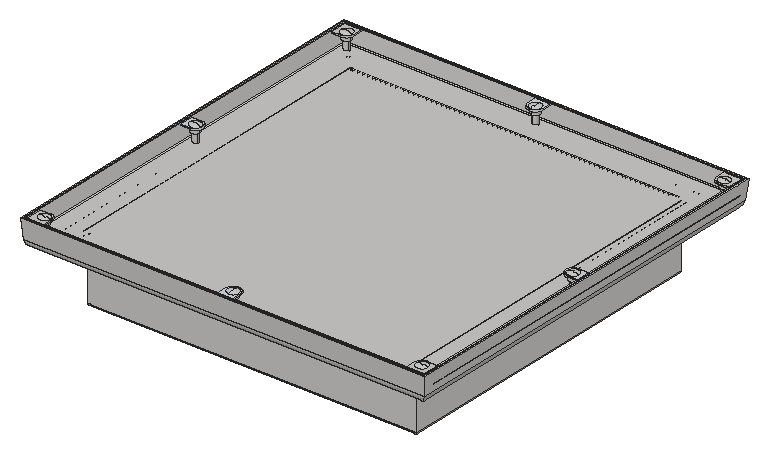
Revit family "Gorter BV-FL THERMO 600x600mm", category Generic Models, host Face, Revit 2019
Family settings
  Host = Face
  Can host rebar = No
  Round Connector Dimension = Use Diameter
  Part Type = Normal
  Cut with Voids When Loaded = Yes
  Shared = Yes
  Room Calculation Point = No
Parameters (values of type "BV-FL THERMO 600x600mm")
  vullen_met_beton = "ja"  # constant formula
  vergrendeling = "nee"  # constant formula
  uitwendige_lengte = 730 mm
  uitwendige_breedte = 730 mm
  sluiting y-as = yes
  sluiting x-as = yes
  sluiting hoek = yes
  sluiting = "4"
  scharnierend = "nee"  # constant formula
  rubberen_afdichting = "enkel"  # constant formula
  productgroep = ""
  materiaal = bcb_staal
  inbouwhoogte [instance] = 50 mm
  geïsoleerd = "ja"  # constant formula
  gewicht = "23"
  gasdrukveer = "nee"  # constant formula
  brandwerend 90 min = "nee"  # constant formula
  binnenmaat_lengte = uitwendige_lengte - 130 mm  # 600 mm
  binnenmaat_breedte = uitwendige_breedte - 130 mm  # 600 mm
  binnenluik = "tbv betonvulling"  # constant formula
  belasting = "15 kN"  # constant formula
  URL = ""
  Model = "BV-FL THERMO"  # constant formula
  Manufacturer = "Gorter"  # constant formula
  Description = "BV-FL THERMO 66"
  Default Elevation = 0 mm  # constant formula
Types (6, lengths in mm): name | uitwendige_lengte | uitwendige_breedte | sluiting x-as | sluiting | gewicht | binnenmaat_lengte | binnenmaat_breedte | Description
  (no name) | 730 | 730 | yes | "4" | "23" | 600 | 600 | "BV-FL THERMO 66"
  BV-FL THERMO 600x600mm | 730 | 730 | yes | "4" | "23" | 600 | 600 | "BV-FL THERMO 66"
  BV-FL THERMO 800x600mm | 930 | 730 | no | "6" | "29" | 800 | 600 | "BV-FL THERMO 86"
  BV-FL THERMO 800x800mm | 930 | 930 | yes | "8" | "33" | 800 | 800 | "BV-FL THERMO 88"
  BV-FL THERMO 1000x600mm | 730 | 1130 | no | "6" | "33" | 600 | 1000 | "BV-FL THERMO 106"
  BV-FL THERMO 500x500mm | 630 | 630 | yes | "4" | "23" | 500 | 500 | "BV-FL THERMO 55"
Reference planes
  plane 1 "Center (Front/Back)": y = 0
  plane 2: z = 0
  plane 3 "Center (Left/Right)": x = 0
  plane 4: y = 365
  plane 5: y = -365
  plane 6: x = 365
  plane 7: x = -365
  plane 8: z = -49.999
  plane 9: x = -323
  plane 10: y = 323
  plane 11: y = -323
  plane 12: x = 323
  plane 13: x = -203
  plane 14: x = 203
  plane 15: y = -203
  plane 16: y = 203
  plane 17: x = -294
  plane 18: x = 294
  plane 19: y = -294
  plane 20: y = 294
  plane 21: x = -341
  plane 22: x = 341
  plane 23: y = 341
  plane 24: y = -341
Forms (mm)
  Sweep 1, solid, material "bcb_staal" <- "materiaal", detail levels medium+fine
    path origin (0, 0, 0) x (1, 0, 0) y (0, 1, 0)
      loop
        line (-365, 365) -> (-365, -365) -> (365, -365) -> (365, 365) -> (-365, 365)
    profile origin (-365, 0, 0) x (-1, 0, 0) y (0, 0, 1)
      loop
        line (0.009, 0) -> (-2.001, 0) -> (-5.562, -35.738)
        arc (-5.562, -35.738) -> (-16.525, -46.911) -> (-29.802, -38.618) r 12.5
        line (-29.802, -38.618) -> (-32.224, -31.678)
        arc (-32.224, -31.678) -> (-35.91, -29) -> (-39.712, -31.509) r 4
        line (-39.712, -31.509) -> (-41.862, -36.866)
        arc (-41.862, -36.866) -> (-45.769, -39.945) -> (-50.399, -38.129) r 5
        line (-50.399, -38.129) -> (-54.14, -32.98)
        arc (-54.14, -32.98) -> (-60.849, -30.791) -> (-65, -36.499) r 6
        line (-65, -36.499) -> (-65, -49.999) -> (-63, -49.999) -> (-63, -36.499)
        arc (-63, -36.499) -> (-60.234, -32.694) -> (-55.762, -34.151) r 4
        line (-55.762, -34.151) -> (-52.167, -39.108)
        arc (-52.167, -39.108) -> (-45.642, -41.946) -> (-40.004, -37.606) r 7
        line (-40.004, -37.606) -> (-37.856, -32.254)
        arc (-37.856, -32.254) -> (-35.951, -30.999) -> (-34.11, -32.345) r 2
        line (-34.11, -32.345) -> (-31.69, -39.277)
        arc (-31.69, -39.277) -> (-16.289, -48.897) -> (-3.571, -35.936) r 14.5
        line (-3.571, -35.936) -> (0.009, 0)
  Sweep 2, solid, material "bcb_staal" <- "materiaal", detail levels medium+fine
    path origin (0, 0, 0) x (1, 0, 0) y (0, 1, 0)
      loop
        line (-365.009, 365.009) -> (-365.009, -365.009) -> (365.009, -365.009) -> (365.009, 365.009) -> (-365.009, 365.009)
    profile origin (-365.009, 0, 0) x (-1, 0, 0) y (0, 0, 1)
      loop
        line (-8.021, -25.628) -> (-3.97, 0) -> (-5.978, 0) -> (-9.971, -25.313)
        arc (-9.971, -25.313) -> (-10.655, -26.538) -> (-11.971, -27.024) r 2.024
        line (-11.971, -27.024) -> (-67.5, -27.024) -> (-67.5, -28.988) -> (-12.284, -28.988)
        arc (-12.284, -28.988) -> (-9.495, -28.142) -> (-8.021, -25.628) r 4
  Sweep 3, solid, material "bcb_staal" <- "materiaal", detail levels coarse
    path origin (0, 0, 0) x (1, 0, 0) y (0, 1, 0)
      loop
        line (-365.009, 365.009) -> (-365.009, -365.009) -> (365.009, -365.009) -> (365.009, 365.009) -> (-365.009, 365.009)
    profile origin (-365.009, 0, 0) x (-1, 0, 0) y (0, 0, 1)
      loop
        line (0, 0) -> (-4.5, 0) -> (-8.78, -27.024) -> (-67.5, -27.024) -> (-67.5, -49.999) -> (-4.982, -49.999) -> (0, 0)
  Extrusion 4, solid, material "bcb_staal" <- "materiaal", detail levels medium+fine
    sketch origin (0, 0, 0) x (1, 0, 0) y (0, 1, 0)
      loop
        line (-300, 300) -> (-300, -300) -> (300, -300) -> (300, 300) -> (-300, 300)
    from -28.988 to -27.024
  Extrusion 5, solid, material "bcb_staal" <- "materiaal", detail levels coarse
    sketch origin (0, 0, 0) x (1, 0, 0) y (0, 1, 0)
      loop
        line (-297.509, 297.509) -> (-297.509, -300) -> (300, -300) -> (300, 297.509) -> (-297.509, 297.509)
    from -49.999 to -27.024
  Extrusion 6, void
    sketch origin (0, 0, 0) x (1, 0, 0) y (0, 1, 0)
      loop
        line (-203, -203) -> (203, -203) -> (203, 203) -> (-203, 203) -> (-203, -203)
    from -500 to 10
  Sweep 7, void
    path origin (0, 0, 0) x (1, 0, 0) y (0, 1, 0)
      loop
        line (-365, 365) -> (-365, -365) -> (365, -365) -> (365, 365) -> (-365, 365)
    profile origin (-365, 0, 0) x (-1, 0, 0) y (0, 0, 1)
      loop
        line (0.498, 5) -> (-162, 5) -> (-162, -365) -> (-65, -365) -> (-65, -49.999) -> (-4.982, -49.999) -> (0.498, 5)
  Sweep 8, solid, material "bcb_staal" <- "materiaal"
    path origin (0, 0, 0) x (1, 0, 0) y (0, 1, 0)
      loop
        line (-365.009, 365.009) -> (-365.009, -365.009) -> (365.009, -365.009) -> (365.009, 365.009) -> (-365.009, 365.009)
    profile origin (-365.009, 0, 0) x (-1, 0, 0) y (0, 0, 1)
      loop
        line (-56.009, -29.003) -> (-67.009, -29.003)
        arc (-67.009, -29.003) -> (-68.777, -29.735) -> (-69.509, -31.503) r 2.5
        line (-69.509, -31.503) -> (-69.509, -144.501)
        arc (-69.509, -144.501) -> (-69.801, -145.209) -> (-70.509, -145.503) r 1
        line (-70.509, -145.503) -> (-74.509, -145.503) -> (-74.509, -147.003) -> (-70.509, -147.003)
        arc (-70.509, -147.003) -> (-68.739, -146.269) -> (-68.009, -144.497) r 2.5
        line (-68.009, -144.497) -> (-68.009, -31.503)
        arc (-68.009, -31.503) -> (-67.716, -30.796) -> (-67.009, -30.503) r 1
        line (-67.009, -30.503) -> (-56.009, -30.503) -> (-56.009, -29.003)
  Extrusion 9, solid, material "bcb_polystyreen"
    sketch origin (0, 0, 0) x (1, 0, 0) y (0, 1, 0)
      loop
        line (-294, 294) -> (-294, -294) -> (294, -294) -> (294, 294) -> (-294, 294)
    from -144.503 to -65.5
Cuts and joins
  joined: Sweep 2, Extrusion 4
  joined: Sweep 3, Extrusion 5
Dimensions and locks
  equal spacing: plane 7, plane 3 "Center (Left/Right)", plane 6
  "uitwendige_breedte": plane 7 to plane 6
  equal spacing: plane 4, plane 1 "Center (Front/Back)", plane 5
  "uitwendige_lengte": plane 4 to plane 5
  locked: plane 4 to plane 10 at 42
  locked: plane 7 to plane 9 at 42
  locked: plane 12 to plane 6 at 42
  locked: plane 5 to plane 11 at 42
  locked: plane 9 to plane 13 at 120
  locked: plane 14 to plane 12 at 120
  locked: plane 15 to plane 11 at 120
  locked: plane 10 to plane 16 at 120
  locked: plane 18 to plane 12 at 29
  locked: plane 9 to plane 17 at 29
  locked: plane 11 to plane 19 at 29
  locked: plane 10 to plane 20 at 29
  locked: plane 7 to plane 21 at 24
  locked: plane 22 to plane 6 at 24
  locked: plane 4 to plane 23 at 24
  locked: plane 24 to plane 5 at 24
  aligned and locked: plane 2 to host face
  aligned and locked: level to host face
  aligned and locked: Sweep 1 sketch curve to plane 4
  aligned and locked: plane 7 to Sweep 1 sketch curve
  aligned and locked: plane 5 to Sweep 1 sketch curve
  aligned and locked: Sweep 1 sketch curve to plane 6
  aligned and locked: Sweep 2 sketch curve to Sweep 1  (x4)
  aligned and locked: Sweep 3 sketch curve to Sweep 1  (x4)
  aligned and locked: Extrusion 4 sketch curve to Sweep 1  (x4)
  aligned and locked: Extrusion 5 sketch curve to Sweep 3  (x2)
  aligned and locked: Extrusion 5 sketch curve to Sweep 1
  aligned and locked: Sweep 1 to Extrusion 5 sketch curve
  aligned and locked: Extrusion 6 to plane 16
  aligned and locked: Extrusion 6 to plane 14
  aligned and locked: Extrusion 6 to plane 15
  aligned and locked: Extrusion 6 to plane 13
  aligned and locked: Sweep 7 sketch curve to plane 4
  aligned and locked: Sweep 7 sketch curve to plane 6
  aligned and locked: plane 5 to Sweep 7 sketch curve
  aligned and locked: plane 7 to Sweep 7 sketch curve
  aligned and locked: Sweep 8 sketch curve to Sweep 1  (x4)
  aligned and locked: plane 18 to Extrusion 9 sketch curve
  aligned and locked: Extrusion 9 sketch curve to plane 20
  aligned and locked: plane 17 to Extrusion 9 sketch curve
  aligned and locked: Extrusion 9 sketch curve to plane 19
  aligned and locked: plane 21 to nested 1
  aligned and locked: nested 1 to plane 24
  aligned and locked: plane 24 to nested 2
  aligned and locked: plane 22 to nested 2
  aligned and locked: nested 3 to plane 21
  aligned and locked: nested 3 to plane 23
  aligned and locked: plane 23 to nested 4
  aligned and locked: nested 4 to plane 22
  aligned and locked: plane 1 "Center (Front/Back)" to nested 5
  aligned and locked: nested 5 to plane 21
  aligned and locked: nested 6 to plane 1 "Center (Front/Back)"
  aligned and locked: nested 6 to plane 22
  aligned and locked: nested 7 to plane 3 "Center (Left/Right)"
  aligned and locked: plane 23 to nested 7
  aligned and locked: plane 24 to nested 8
  aligned and locked: plane 3 "Center (Left/Right)" to nested 8
Automatic sketch dimensions
  host sketch curve to host sketch curve = 2000 mm  (x2)
  Sweep 2 sketch curve to level = 0 mm
  profile plane to Sweep 2 sketch curve = 12.284 mm
  Sweep 2 sketch curve to Sweep 2 sketch curve = 0.313 mm  (x2)
  Sweep 2 sketch curve to Sweep 2 sketch curve = 0 mm  (x2)
  Sweep 2 sketch curve to Sweep 2 sketch curve = 1.95 mm
  Sweep 2 sketch curve to Sweep 2 sketch curve = 0.315 mm
  Sweep 2 sketch curve to Sweep 2 sketch curve = 55.529 mm
  profile plane to Sweep 2 sketch curve = 5.978 mm
  Sweep 2 sketch curve to Sweep 2 sketch curve = 2.008 mm
  Sweep 2 sketch curve to level = 27.024 mm
  Sweep 2 sketch curve to Sweep 2 sketch curve = 1.963 mm
  Extrusion 6 sketch curve to plane 11 = 120 mm
  Extrusion 6 sketch curve to plane 1 "Center (Front/Back)" = 203 mm
  Extrusion 6 sketch curve to plane 13 = 0 mm
  Extrusion 6 sketch curve to plane 14 = 0 mm
  Sweep 1 sketch curve to level = 0 mm
  profile plane to Sweep 1 sketch curve = 65 mm
  Sweep 1 sketch curve to Sweep 1 sketch curve = 2 mm
  Sweep 1 sketch curve to Sweep 1 sketch curve = 4 mm
  Sweep 1 sketch curve to Sweep 1 sketch curve = 0 mm  (x5)
  Sweep 1 sketch curve to level = 34.151 mm
  Sweep 1 sketch curve to Sweep 1 sketch curve = 3.238 mm
  Sweep 1 sketch curve to level = 32.98 mm
  Sweep 1 sketch curve to Sweep 1 sketch curve = 1.622 mm
  Sweep 1 sketch curve to Sweep 1 sketch curve = 3.595 mm
  Sweep 1 sketch curve to Sweep 1 sketch curve = 1.768 mm
  Sweep 1 sketch curve to Sweep 1 sketch curve = 3.899 mm
  Sweep 1 sketch curve to level = 36.866 mm
  Sweep 1 sketch curve to Sweep 1 sketch curve = 4.638 mm
  Sweep 1 sketch curve to Sweep 1 sketch curve = 1.858 mm
  Sweep 1 sketch curve to Sweep 1 sketch curve = 2.15 mm
  Sweep 1 sketch curve to Sweep 1 sketch curve = 1.856 mm  (x2)
  Sweep 1 sketch curve to level = 32.345 mm
  Sweep 1 sketch curve to Sweep 1 sketch curve = 1.89 mm
  Sweep 1 sketch curve to Sweep 1 sketch curve = 1.886 mm
  Sweep 1 sketch curve to Sweep 1 sketch curve = 2.42 mm
  Sweep 1 sketch curve to Sweep 1 sketch curve = 1.888 mm
  Sweep 1 sketch curve to Sweep 1 sketch curve = 11.802 mm
  profile plane to Sweep 1 sketch curve = 5.562 mm
  Sweep 1 sketch curve to Sweep 1 sketch curve = 1.99 mm
  profile plane to Sweep 1 sketch curve = 2.001 mm
  Sweep 1 sketch curve to profile plane = 0.009 mm
  Sweep 1 sketch curve to Sweep 1 sketch curve = 0.739 mm
  Sweep 1 sketch curve to Sweep 1 sketch curve = 5.148 mm
  Sweep 1 sketch curve to Sweep 1 sketch curve = 6.273 mm
  Sweep 1 sketch curve to Sweep 1 sketch curve = 0.979 mm
  Sweep 1 sketch curve to Sweep 1 sketch curve = 0.659 mm
  Sweep 1 sketch curve to Sweep 1 sketch curve = 13.5 mm
  Sweep 1 sketch curve to Sweep 1 sketch curve = 2.682 mm
  Sweep 1 sketch curve to Sweep 1 sketch curve = 0.198 mm
  Sweep 1 sketch curve to Sweep 1 sketch curve = 0.654 mm
  Sweep 1 sketch curve to Sweep 1 sketch curve = 0.667 mm
  Sweep 3 sketch curve to level = 0 mm
  Sweep 3 sketch curve to profile plane = 0 mm
  profile plane to Sweep 3 sketch curve = 4.5 mm
  profile plane to Sweep 3 sketch curve = 4.982 mm
  profile plane to Sweep 3 sketch curve = 8.78 mm
  Sweep 3 sketch curve to Sweep 3 sketch curve = 62.518 mm
  Sweep 3 sketch curve to level = 27.024 mm
  Sweep 3 sketch curve to Sweep 3 sketch curve = 22.974 mm
  level to Sweep 7 sketch curve = 5 mm
  profile plane to Sweep 7 sketch curve = 162 mm
  profile plane to Sweep 7 sketch curve = 65 mm
  profile plane to Sweep 7 sketch curve = 4.982 mm
  Sweep 7 sketch curve to profile plane = 0.498 mm
  Sweep 7 sketch curve to level = 49.999 mm
  Sweep 7 sketch curve to Sweep 7 sketch curve = 315.001 mm
  Sweep 8 sketch curve to Sweep 8 sketch curve = 0 mm  (x9)
  Sweep 8 sketch curve to level = 31.503 mm
  profile plane to Sweep 8 sketch curve = 67.009 mm
  Sweep 8 sketch curve to Sweep 8 sketch curve = 11 mm
  Sweep 8 sketch curve to Sweep 8 sketch curve = 1 mm  (x2)
  Sweep 8 sketch curve to Sweep 8 sketch curve = 1.5 mm  (x2)
  profile plane to Sweep 8 sketch curve = 70.509 mm
  Sweep 8 sketch curve to Sweep 8 sketch curve = 2.5 mm
  Sweep 8 sketch curve to Sweep 8 sketch curve = 112.994 mm
  Sweep 8 sketch curve to Sweep 8 sketch curve = 0.006 mm
  Sweep 8 sketch curve to Sweep 8 sketch curve = 0.002 mm
  Sweep 8 sketch curve to Sweep 8 sketch curve = 4 mm
Nested families
  nested 1: "NLRS_33_GM_FB_TC_GORTER_vloerluik_BV-FL_Thermo_BCB_Inbusbout" at (-341, -341, 0), visible <- "sluiting hoek", type "NLRS_33_GM_FB_TC_GORTER_vloerluik_BV-FL_Thermo_BCB_Inbusbout"
    with recht no, hoek yes
  nested 2: "NLRS_33_GM_FB_TC_GORTER_vloerluik_BV-FL_Thermo_BCB_Inbusbout" at (341, -341, 0) x (-1, 0, 0) z (0, 0, 1), visible <- "sluiting hoek", type "NLRS_33_GM_FB_TC_GORTER_vloerluik_BV-FL_Thermo_BCB_Inbusbout"
    with recht no, hoek yes
  nested 3: "NLRS_33_GM_FB_TC_GORTER_vloerluik_BV-FL_Thermo_BCB_Inbusbout" at (-341, 341, 0), visible <- "sluiting hoek", type "NLRS_33_GM_FB_TC_GORTER_vloerluik_BV-FL_Thermo_BCB_Inbusbout"
    with recht no, hoek yes
  nested 4: "NLRS_33_GM_FB_TC_GORTER_vloerluik_BV-FL_Thermo_BCB_Inbusbout" at (341, 341, 0) x (-1, 0, 0) z (0, 0, 1), visible <- "sluiting hoek", type "NLRS_33_GM_FB_TC_GORTER_vloerluik_BV-FL_Thermo_BCB_Inbusbout"
    with recht no, hoek yes
  nested 5: "NLRS_33_GM_FB_TC_GORTER_vloerluik_BV-FL_Thermo_BCB_Inbusbout" at (-341, 0, 0), visible <- "sluiting x-as", type "NLRS_33_GM_FB_TC_GORTER_vloerluik_BV-FL_Thermo_BCB_Inbusbout"
    with recht yes, hoek no
  nested 6: "NLRS_33_GM_FB_TC_GORTER_vloerluik_BV-FL_Thermo_BCB_Inbusbout" at (341, 0, 0) x (-1, 0, 0) z (0, 0, 1), visible <- "sluiting x-as", type "NLRS_33_GM_FB_TC_GORTER_vloerluik_BV-FL_Thermo_BCB_Inbusbout"
    with recht yes, hoek no
  nested 7: "NLRS_33_GM_FB_TC_GORTER_vloerluik_BV-FL_Thermo_BCB_Inbusbout" at (0, 341, 0) x (0, -1, 0) z (0, 0, 1), visible <- "sluiting y-as", type "NLRS_33_GM_FB_TC_GORTER_vloerluik_BV-FL_Thermo_BCB_Inbusbout"
    with recht yes, hoek no
  nested 8: "NLRS_33_GM_FB_TC_GORTER_vloerluik_BV-FL_Thermo_BCB_Inbusbout" at (0, -341, 0) x (0, 1, 0) z (0, 0, 1), visible <- "sluiting y-as", type "NLRS_33_GM_FB_TC_GORTER_vloerluik_BV-FL_Thermo_BCB_Inbusbout"
    with recht yes, hoek no
Definition of nested family "NLRS_33_GM_FB_TC_GORTER_vloerluik_BV-FL_Thermo_BCB_Inbusbout"
  Parameters
    recht [instance] = not(hoek)  # yes
    materiaal = none
    hoek [instance] = no
    Default Elevation = 1219.2 mm
  Reference planes
    plane 1 "Center (Front/Back)": y = 0
    plane 2: z = 0
    plane 3 "Center (Left/Right)": x = 0
  Forms (mm)
    Extrusion 1, solid
      sketch origin (0, 0, 0) x (1, 0, 0) y (0, 1, 0)
        loop
          line (-250, 250) -> (-250, -250) -> (250, -250) -> (250, 250) -> (-250, 250)
      from 0 to -100
    Revolve 2, solid, material <- "materiaal", detail levels medium+fine
      sketch origin (0, 0, 0) x (1, 0, 0) y (0, 0, 1)
        loop
          line (0, -2.003) -> (-8, -2.003) -> (-8, -10.503) -> (-5, -10.503) -> (-5, -40.503) -> (0, -40.503) -> (0, -2.003)
        axis (0, -2.003) -> (0, -40.503)
      angle from 0 to 360
    Revolve 3, solid, detail levels medium+fine
      sketch origin (0, 0, -71.5) x (1, 0, 0) y (0, 0, 1)
        loop
          arc (0, 73.497) -> (-4.996, 72.993) -> (-9.791, 71.5) r 25
          line (-9.791, 71.5) -> (0, 71.5) -> (0, 73.497)
        axis (0, 73.497) -> (0, 71.5)
      angle from 0 to 360
    Extrusion 4, solid, material <- "materiaal", visible <- "hoek"
      sketch origin (0, 0, 0) x (1, 0, 0) y (0, 1, 0)
        loop
          line (0, 13) -> (-18, 13) -> (-18, -18) -> (13, -18) -> (13, 0)
          arc (13, 0) -> (9.192, 9.192) -> (0, 13) r 13
      from -2.003 to 0
    Extrusion 5, solid, visible <- "recht", detail levels medium+fine
      sketch origin (0, 0, 0) x (1, 0, 0) y (0, 1, 0)
        loop
          line (0, 13) -> (-18, 13) -> (-18, -13) -> (0, -13)
          arc (0, -13) -> (13, 0) -> (0, 13) r 13
      from -2.003 to 0
  Dimensions and locks
    aligned and locked: plane 2 to Extrusion 1
    aligned and locked: level to Extrusion 1
